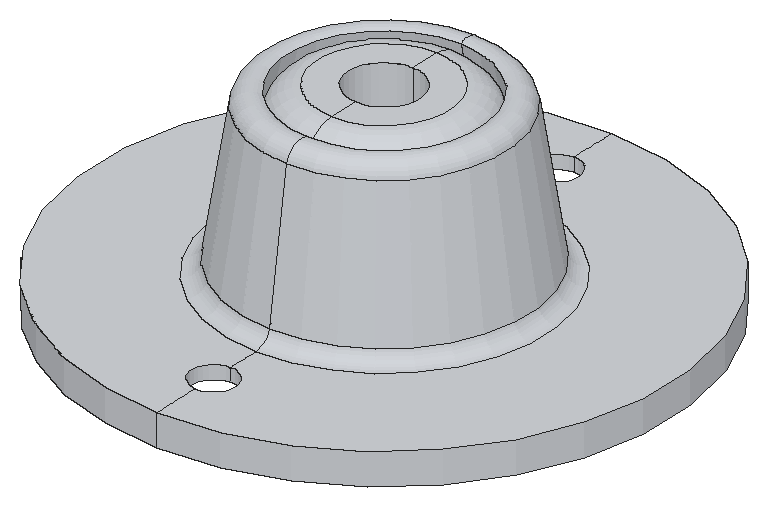
Revit family "BSC1G", category Generic Models, Revit 2017
Family settings
  Can host rebar = No
  Round Connector Dimension = Use Diameter
  Part Type = Normal
  Work Plane-Based = Yes
  Always vertical = No
  Cut with Voids When Loaded = No
  Shared = No
  Room Calculation Point = No
Parameters (values of type "NBS Standard Parameters")
  Weight = "0.16Kg"
  WarrantyStartDate [instance] = "1900-12-31T23:59:59"
  WarrantyGuarantorParts = "n/a"
  WarrantyGuarantorLabor = "n/a"
  WarrantyDurationUnit = "12 months"
  WarrantyDurationParts = "n/a"
  WarrantyDurationLabor = "n/a"
  WarrantyDescription = "n/a"
  Version = "1"
  Uniclass2 = "Pr_65_70_11_20"
  TagNumber [instance] = "n/a"
  SustainabilityPerformance = "n/a"
  Size = "20mm"
  Shape = "Circular"
  SerialNumber [instance] = "n/a"
  Revision = "n/a"
  ReplacementCost = "n/a"
  ProductInformation = "www.metpro.co.uk/pdf/BSC1G.pdf"
  NominalWidth = 66 mm
  NominalLength = 66 mm
  NominalHeight = 22.5 mm
  Name = ""
  NBSTypeID = ""
  NBSReference = "90-55-10/460"
  NBSOfficeMasterTag = ""
  NBSNote = ""
  NBSDescription = "Conduit Fittings"
  NBSCertification = ""
  ModelReference = "BSC1G"
  ModelNumber = "n/a"
  Material = "Malleable Iron"
  ManufacturerURL = "www.metpro.co.uk"
  ManufacturerName = "Metpro Ltd"
  Keynote = "Compliant to LU Standard 1-085"
  InstallationDate [instance] = "1900-12-31T23:59:59"
  IfcExportType = ""
  IfcExportAs = ""
  Grade = "n/a"
  Finish = "Galvanised"
  Features = "n/a"
  ExpectedLife = "n/a"
  DurationUnit = "year"
  Description = "BSC1G - 20mm Ball & Socket Cover"
  Default Elevation = 1219.2 mm
  Constituents = "n/a"
  Color = "n/a"
  CodePerformance = "n/a"
  Category = "n/a"
  BarCode [instance] = "n/a"
  BIMObjectName = "Metpro_Metprolibrary_Conduitfittings_Metalcomponents_steelaccessories"
  Author = "Metpro Ltd"
  AssetType = ""
  AssetIdentifier [instance] = "n/a"
  AccessibilityPerformance = "n/a"
Reference planes
  plane 1 "Center (Front/Back)": y = 0
  plane 2: z = 0
  plane 3 "Center (Left/Right)": x = 0
Forms (mm)
  Revolve 1, solid
    sketch origin (8506.481, 899.683, -335.569) x (0, 1, 0) y (0, 0, -1)
      loop
        line (4.939, -13.186) -> (7.436, 2.579)
        arc (7.436, 2.579) -> (8.155, 3.622) -> (9.357, 4.023) r 2
        line (9.357, 4.023) -> (23.56, 4.023) -> (23.56, 7.623) -> (22.06, 7.623) -> (22.06, 5.523) -> (9.357, 5.523)
        arc (9.357, 5.523) -> (7.254, 4.821) -> (5.995, 2.997) r 3.5
        line (5.995, 2.997) -> (1.984, -14.617)
        arc (1.984, -14.617) -> (3.835, -14.673) -> (4.939, -13.186) r 2
      loop
        line (-4.847, -15.201) -> (-1.445, -15.201)
        arc (-1.445, -15.201) -> (0.839, -14.369) -> (2.053, -12.263) r 3.551
        line (2.053, -12.263) -> (5, 4.528) -> (5.424, 7.202) -> (-4.847, 7.202) -> (-4.847, -15.201)
      axis (-8.904, -15.201) -> (-8.904, 7.623)
    angle from 0 to 360
  Extrusion 2, void
    sketch origin (8506.481, 890.779, -320.368) x (0, 1, 0) y (1, 0, 0)
      loop
        circle (24.449, 0.115) r 2.5
      loop
        circle (-24.449, 0.115) r 2.5
    from 0 to 250
Cuts and joins
  Extrusion 2 cuts Revolve 1
Dimensions and locks
  aligned and locked: level to plane 2
